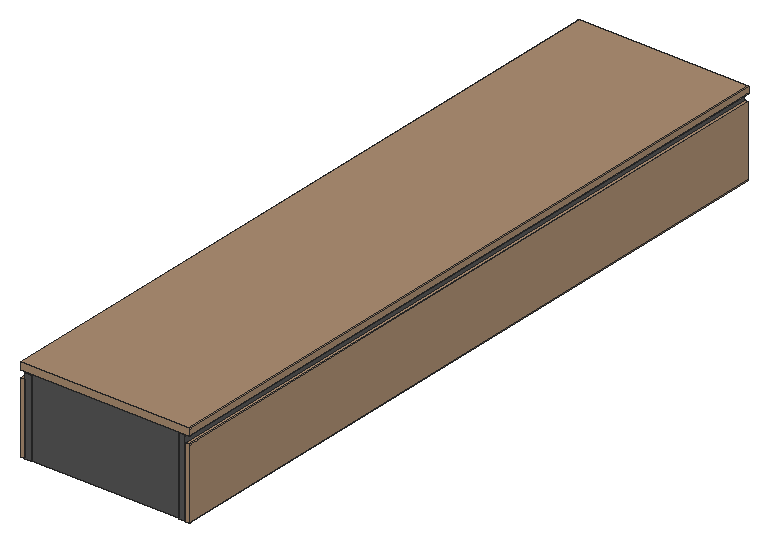
Revit family "Sanitary_Compound-Units_hansgrohe_54286XXX-Xilesa-E-Tall-cabinet_400-200_hinge-right", category Furniture, host Face, Revit 2022
Family settings
  Host = Face
  OmniClass Number = 23.21.19.15.33.13
  OmniClass Title = Residential Bathroom Specialty Casework
  Cut with Voids When Loaded = No
  Render Appearance Source = Family Geometry
  Shared = No
  Room Calculation Point = No
Parameters (values of type "550 Cashmere Oak")
  Version = 1  # constant formula
  URL = "https://www.hansgrohe.com/"
  Product data url = "https://www.bimobject.com/en/hansgrohe/product/54286XXX"
  Product Page URL = "https://www.hansgrohe.com/articledetail--54286550"
  Model = "54286XXX"  # constant formula
  Material 3 = Hansgrohe - Metal - Black
  Material 2 = Hansgrohe - MDF - Matt Black
  Material 1 = Hansgrohe - MDF - 550 Cashmere Oak (vertical)
  Manufacturer = "Hansgrohe"  # constant formula
  Height = 0 mm
  Description = "Xilesa E Tall cabinet 400/200, door hinge right"  # constant formula
  Default Elevation = 0 mm
  Date Updated = ""
  Date Created = "2024/02/03"  # constant formula
Types (5, lengths in mm): name | Material 1
  (no name) | Hansgrohe - MDF - 550 Cashmere Oak (vertical)
  550 Cashmere Oak | Hansgrohe - MDF - 550 Cashmere Oak (vertical)
  700 Matt White | Hansgrohe - MDF - 700 Matt White
  760 Slate Matt Grey | Hansgrohe - MDF - 760 Slate Matt Grey
  780 Sand Matt Beige | Hansgrohe - MDF - 780 Sand Matt Beige
Reference planes
  plane 1 "Center (Front/Back)": y = 0
  plane 2: z = 0
  plane 3 "Center (Left/Right)": x = 0
  plane 4: x = -200
  plane 5: x = 200
  plane 6: y = -1650
  plane 7: z = 200
Dimensions and locks
  aligned and locked: plane 2 to host face
  aligned and locked: level to host face
Nested families
  nested 1: "54286XXX" at (0, -1650, 0) x (1, 0, 0) z (0, 1, 0), Material 1 <- "Material 1", Material 2 <- "Material 2", Material 3 <- "Material 3", type "54286XXX"
    with Material 3 Hansgrohe - Metal - Black, Material 2 Hansgrohe - MDF - Matt Black, Material 1 Hansgrohe - MDF - 550 Cashmere Oak (vertical)
Definition of nested family "54286XXX"
  Parameters (values of type "54286XXX")
    Version = 1  # constant formula
    URL = "https://www.hansgrohe.com/"
    Product data url = "https://www.bimobject.com/en/hansgrohe/product/54286XXX"
    Product Page URL = "https://www.hansgrohe.com/articledetail--54286550"
    Model = "54286XXX"  # constant formula
    Material 3 [instance] = none
    Material 2 [instance] = none
    Material 1 [instance] = none
    Manufacturer = "Hansgrohe"  # constant formula
    Description = "Xilesa E Tall cabinet 400/200, door hinge right"  # constant formula
    Default Elevation = 1219.2 mm
    Date Updated = ""
    Date Created = "2024/12/16"  # constant formula
  Reference planes
    plane 1 "Center (Front/Back)": y = 0
    plane 2: z = 0
    plane 3 "Center (Left/Right)": x = 0
  Forms (mm)
    Extrusion 1, solid, material <- "Material 1", detail levels medium+fine
      sketch origin (0, 0, 0) x (1, 0, 0) y (0, 1, 0)
        loop
          line (-190.6, 0) -> (-199.2, 0)
          arc (-199.2, 0) -> (-199.766, -0.234) -> (-200, -0.8) r 0.8
          line (-200, -0.8) -> (-200, -165.9)
          arc (-200, -165.9) -> (-199.766, -166.466) -> (-199.2, -166.7) r 0.8
          line (-199.2, -166.7) -> (-190.6, -166.7)
          arc (-190.6, -166.7) -> (-190.034, -166.466) -> (-189.8, -165.9) r 0.8
          line (-189.8, -165.9) -> (-189.8, -0.8)
          arc (-189.8, -0.8) -> (-190.034, -0.234) -> (-190.6, 0) r 0.8
        loop
          arc (190.6, 0) -> (190.034, -0.234) -> (189.8, -0.8) r 0.8
          line (189.8, -0.8) -> (189.8, -165.9)
          arc (189.8, -165.9) -> (190.034, -166.466) -> (190.6, -166.7) r 0.8
          line (190.6, -166.7) -> (199.2, -166.7)
          arc (199.2, -166.7) -> (199.766, -166.466) -> (200, -165.9) r 0.8
          line (200, -165.9) -> (200, -0.8)
          arc (200, -0.8) -> (199.766, -0.234) -> (199.2, 0) r 0.8
          line (199.2, 0) -> (190.6, 0)
      from 0 to 1650
    Extrusion 2, solid, material <- "Material 1", detail levels medium+fine
      sketch origin (0, 0, 0) x (1, 0, 0) y (0, 1, 0)
        loop
          line (-199.2, -200) -> (199.2, -200)
          arc (199.2, -200) -> (199.766, -199.766) -> (200, -199.2) r 0.8
          line (200, -199.2) -> (200, -184.5)
          arc (200, -184.5) -> (199.766, -183.934) -> (199.2, -183.7) r 0.8
          line (199.2, -183.7) -> (-199.2, -183.7)
          arc (-199.2, -183.7) -> (-199.766, -183.934) -> (-200, -184.5) r 0.8
          line (-200, -184.5) -> (-200, -199.2)
          arc (-200, -199.2) -> (-199.766, -199.766) -> (-199.2, -200) r 0.8
      from 0 to 1650
    Extrusion 3, solid, material <- "Material 2", detail levels medium+fine
      sketch origin (0, 0, 0) x (1, 0, 0) y (0, 1, 0)
        loop
          line (-189.8, -0.8) -> (-189.8, -180.9)
          arc (-189.8, -180.9) -> (-189.566, -181.466) -> (-189, -181.7) r 0.8
          line (-189, -181.7) -> (-174.6, -181.7)
          arc (-174.6, -181.7) -> (-174.034, -181.466) -> (-173.8, -180.9) r 0.8
          line (-173.8, -180.9) -> (-173.8, -0.8)
          arc (-173.8, -0.8) -> (-174.034, -0.234) -> (-174.6, 0) r 0.8
          line (-174.6, 0) -> (-189, 0)
          arc (-189, 0) -> (-189.566, -0.234) -> (-189.8, -0.8) r 0.8
        loop
          arc (189.8, -0.8) -> (189.566, -0.234) -> (189, 0) r 0.8
          line (189, 0) -> (174.6, 0)
          arc (174.6, 0) -> (174.034, -0.234) -> (173.8, -0.8) r 0.8
          line (173.8, -0.8) -> (173.8, -180.9)
          arc (173.8, -180.9) -> (174.034, -181.466) -> (174.6, -181.7) r 0.8
          line (174.6, -181.7) -> (189, -181.7)
          arc (189, -181.7) -> (189.566, -181.466) -> (189.8, -180.9) r 0.8
          line (189.8, -180.9) -> (189.8, -0.8)
      from 0 to 1650
    Extrusion 4, solid, material <- "Material 2", detail levels fine
      sketch origin (0, 0, 0) x (1, 0, 0) y (0, 1, 0)
        loop
          line (-173.8, -17) -> (-173.8, -20) -> (173.8, -20) -> (173.8, -17) -> (-173.8, -17)
      from 17 to 1637.136
    Extrusion 5, solid, material <- "Material 2", detail levels fine
      sketch origin (0, 0, 0) x (1, 0, 0) y (0, 1, 0)
        loop
          line (-173.8, -1) -> (-173.8, -183.7) -> (173.8, -183.7) -> (173.8, -1) -> (-173.8, -1)
      from 0 to 17
    Extrusion 6, solid, material <- "Material 1", detail levels coarse
      sketch origin (0, 0, 0) x (1, 0, 0) y (0, 1, 0)
        loop
          line (-200, 0) -> (-200, -200) -> (200, -200) -> (200, 0) -> (-200, 0)
      from 0 to 1650
    Extrusion 7, solid, material <- "Material 2", detail levels medium+fine
      sketch origin (0, 0, 585) x (0, 1, 0) y (0, 0, 1)
        loop
          line (-180.2, 1048) -> (-2, 1048)
          arc (-2, 1048) -> (-1.293, 1048.293) -> (-1, 1049) r 1
          line (-1, 1049) -> (-1, 1063)
          arc (-1, 1063) -> (-1.293, 1063.707) -> (-2, 1064) r 1
          line (-2, 1064) -> (-180.2, 1064)
          arc (-180.2, 1064) -> (-180.907, 1063.707) -> (-181.2, 1063) r 1
          line (-181.2, 1063) -> (-181.2, 1049)
          arc (-181.2, 1049) -> (-180.907, 1048.293) -> (-180.2, 1048) r 1
      from -173.8 to 173.8
    Extrusion 8, solid, material <- "Material 3", detail levels fine
      sketch origin (30, 38, 314) x (-1, 0, 0) y (0, 0, -1)
        loop
          arc (-119.8, -482) -> (-120.972, -479.172) -> (-123.8, -478) r 4
          line (-123.8, -478) -> (-138.8, -478)
          arc (-138.8, -478) -> (-141.628, -479.172) -> (-142.8, -482) r 4
          line (-142.8, -482) -> (-142.8, -540)
          arc (-142.8, -540) -> (-141.628, -542.829) -> (-138.8, -544) r 4
          line (-138.8, -544) -> (-123.8, -544)
          arc (-123.8, -544) -> (-120.972, -542.829) -> (-119.8, -540) r 4
          line (-119.8, -540) -> (-119.8, -482)
      from 218.9 to 221.7
    Extrusion 9, solid, material <- "Material 3", detail levels fine
      sketch origin (30, 38, 314) x (0, 1, 0) y (0, 0, -1)
        loop
          arc (-149.706, -520.501) -> (-147.938, -519.768) -> (-147.206, -518.001) r 2.5
          line (-147.206, -518.001) -> (-147.206, -504.001)
          arc (-147.206, -504.001) -> (-147.938, -502.233) -> (-149.706, -501.501) r 2.5
          line (-149.706, -501.501) -> (-172.206, -501.501)
          arc (-172.206, -501.501) -> (-175.035, -500.329) -> (-176.206, -497.501) r 4
          line (-176.206, -497.501) -> (-176.206, -489.501)
          arc (-176.206, -489.501) -> (-176.938, -487.733) -> (-178.706, -487.001) r 2.5
          line (-178.706, -487.001) -> (-188.706, -487.001)
          arc (-188.706, -487.001) -> (-190.474, -487.733) -> (-191.206, -489.501) r 2.5
          line (-191.206, -489.501) -> (-191.206, -497.501)
          arc (-191.206, -497.501) -> (-192.378, -500.329) -> (-195.206, -501.501) r 4
          line (-195.206, -501.501) -> (-206.544, -501.501) -> (-206.544, -520.501) -> (-195.206, -520.501)
          arc (-195.206, -520.501) -> (-192.378, -521.672) -> (-191.206, -524.501) r 4
          line (-191.206, -524.501) -> (-191.206, -532.501)
          arc (-191.206, -532.501) -> (-190.474, -534.268) -> (-188.706, -535.001) r 2.5
          line (-188.706, -535.001) -> (-178.706, -535.001)
          arc (-178.706, -535.001) -> (-176.938, -534.268) -> (-176.206, -532.501) r 2.5
          line (-176.206, -532.501) -> (-176.206, -524.501)
          arc (-176.206, -524.501) -> (-175.035, -521.672) -> (-172.206, -520.501) r 4
          line (-172.206, -520.501) -> (-149.706, -520.501)
      from -143.8 to -140.45
    Extrusion 10, solid, material <- "Material 3", detail levels fine
      sketch origin (30, 38, 314) x (-1, 0, 0) y (0, -1, 0)
        loop
          line (-126.45, 219.2) -> (-140.45, 219.2) -> (-140.45, 147.206) -> (-138.299, 147.206) -> (-138.299, 155.486) -> (-133.066, 160.422) -> (-130.658, 160.187) -> (-126.45, 219.2)
      from 504.25 to 517.75
    Extrusion 11, solid, material <- "Material 3", detail levels fine
      sketch origin (30, 38, -426.001) x (-1, 0, 0) y (0, 0, -1)
        loop
          arc (-119.8, -482) -> (-120.972, -479.172) -> (-123.8, -478) r 4
          line (-123.8, -478) -> (-138.8, -478)
          arc (-138.8, -478) -> (-141.628, -479.172) -> (-142.8, -482) r 4
          line (-142.8, -482) -> (-142.8, -540)
          arc (-142.8, -540) -> (-141.628, -542.829) -> (-138.8, -544) r 4
          line (-138.8, -544) -> (-123.8, -544)
          arc (-123.8, -544) -> (-120.972, -542.829) -> (-119.8, -540) r 4
          line (-119.8, -540) -> (-119.8, -482)
      from 218.9 to 221.7
    Extrusion 12, solid, material <- "Material 3", detail levels fine
      sketch origin (30, 38, -426.001) x (0, 1, 0) y (0, 0, -1)
        loop
          arc (-149.706, -520.501) -> (-147.938, -519.768) -> (-147.206, -518.001) r 2.5
          line (-147.206, -518.001) -> (-147.206, -504.001)
          arc (-147.206, -504.001) -> (-147.938, -502.233) -> (-149.706, -501.501) r 2.5
          line (-149.706, -501.501) -> (-172.206, -501.501)
          arc (-172.206, -501.501) -> (-175.035, -500.329) -> (-176.206, -497.501) r 4
          line (-176.206, -497.501) -> (-176.206, -489.501)
          arc (-176.206, -489.501) -> (-176.938, -487.733) -> (-178.706, -487.001) r 2.5
          line (-178.706, -487.001) -> (-188.706, -487.001)
          arc (-188.706, -487.001) -> (-190.474, -487.733) -> (-191.206, -489.501) r 2.5
          line (-191.206, -489.501) -> (-191.206, -497.501)
          arc (-191.206, -497.501) -> (-192.378, -500.329) -> (-195.206, -501.501) r 4
          line (-195.206, -501.501) -> (-206.544, -501.501) -> (-206.544, -520.501) -> (-195.206, -520.501)
          arc (-195.206, -520.501) -> (-192.378, -521.672) -> (-191.206, -524.501) r 4
          line (-191.206, -524.501) -> (-191.206, -532.501)
          arc (-191.206, -532.501) -> (-190.474, -534.268) -> (-188.706, -535.001) r 2.5
          line (-188.706, -535.001) -> (-178.706, -535.001)
          arc (-178.706, -535.001) -> (-176.938, -534.268) -> (-176.206, -532.501) r 2.5
          line (-176.206, -532.501) -> (-176.206, -524.501)
          arc (-176.206, -524.501) -> (-175.035, -521.672) -> (-172.206, -520.501) r 4
          line (-172.206, -520.501) -> (-149.706, -520.501)
      from -143.8 to -140.45
    Extrusion 13, solid, material <- "Material 3", detail levels fine
      sketch origin (30, 38, -426.001) x (-1, 0, 0) y (0, -1, 0)
        loop
          line (-126.45, 219.2) -> (-140.45, 219.2) -> (-140.45, 147.206) -> (-138.299, 147.206) -> (-138.299, 155.486) -> (-133.066, 160.422) -> (-130.658, 160.187) -> (-126.45, 219.2)
      from 504.25 to 517.75
    Extrusion 14, solid, material <- "Material 3", detail levels fine
      sketch origin (30, 38, 1054) x (-1, 0, 0) y (0, 0, -1)
        loop
          arc (-119.8, -482) -> (-120.972, -479.172) -> (-123.8, -478) r 4
          line (-123.8, -478) -> (-138.8, -478)
          arc (-138.8, -478) -> (-141.628, -479.172) -> (-142.8, -482) r 4
          line (-142.8, -482) -> (-142.8, -540)
          arc (-142.8, -540) -> (-141.628, -542.829) -> (-138.8, -544) r 4
          line (-138.8, -544) -> (-123.8, -544)
          arc (-123.8, -544) -> (-120.972, -542.829) -> (-119.8, -540) r 4
          line (-119.8, -540) -> (-119.8, -482)
      from 218.9 to 221.7
    Extrusion 15, solid, material <- "Material 3", detail levels fine
      sketch origin (30, 38, 1054) x (0, 1, 0) y (0, 0, -1)
        loop
          arc (-149.706, -520.501) -> (-147.938, -519.768) -> (-147.206, -518.001) r 2.5
          line (-147.206, -518.001) -> (-147.206, -504.001)
          arc (-147.206, -504.001) -> (-147.938, -502.233) -> (-149.706, -501.501) r 2.5
          line (-149.706, -501.501) -> (-172.206, -501.501)
          arc (-172.206, -501.501) -> (-175.035, -500.329) -> (-176.206, -497.501) r 4
          line (-176.206, -497.501) -> (-176.206, -489.501)
          arc (-176.206, -489.501) -> (-176.938, -487.733) -> (-178.706, -487.001) r 2.5
          line (-178.706, -487.001) -> (-188.706, -487.001)
          arc (-188.706, -487.001) -> (-190.474, -487.733) -> (-191.206, -489.501) r 2.5
          line (-191.206, -489.501) -> (-191.206, -497.501)
          arc (-191.206, -497.501) -> (-192.378, -500.329) -> (-195.206, -501.501) r 4
          line (-195.206, -501.501) -> (-206.544, -501.501) -> (-206.544, -520.501) -> (-195.206, -520.501)
          arc (-195.206, -520.501) -> (-192.378, -521.672) -> (-191.206, -524.501) r 4
          line (-191.206, -524.501) -> (-191.206, -532.501)
          arc (-191.206, -532.501) -> (-190.474, -534.268) -> (-188.706, -535.001) r 2.5
          line (-188.706, -535.001) -> (-178.706, -535.001)
          arc (-178.706, -535.001) -> (-176.938, -534.268) -> (-176.206, -532.501) r 2.5
          line (-176.206, -532.501) -> (-176.206, -524.501)
          arc (-176.206, -524.501) -> (-175.035, -521.672) -> (-172.206, -520.501) r 4
          line (-172.206, -520.501) -> (-149.706, -520.501)
      from -143.8 to -140.45
    Extrusion 16, solid, material <- "Material 3", detail levels fine
      sketch origin (30, 38, 1054) x (-1, 0, 0) y (0, -1, 0)
        loop
          line (-126.45, 219.2) -> (-140.45, 219.2) -> (-140.45, 147.206) -> (-138.299, 147.206) -> (-138.299, 155.486) -> (-133.066, 160.422) -> (-130.658, 160.187) -> (-126.45, 219.2)
      from 504.25 to 517.75
  Lines and regions (mm)
    Masking region 1
      outline origin (0, 0, 0) x (1, 0, 0) y (0, 0, 1)
        loop
          line (-199, 0) -> (0, 0) -> (199, 0)
          arc (199, 0) -> (199.707, 0.293) -> (200, 1) r 1
          line (200, 1) -> (200, 1649)
          arc (200, 1649) -> (199.707, 1649.707) -> (199, 1650) r 1
          line (199, 1650) -> (-199, 1650)
          arc (-199, 1650) -> (-199.707, 1649.707) -> (-200, 1649) r 1
          line (-200, 1649) -> (-200, 1)
          arc (-200, 1) -> (-199.707, 0.293) -> (-199, 0) r 1
    Masking region 2
      outline origin (0, 0, 0) x (0, 1, 0) y (0, 0, 1)
        loop
          line (-1, 1650) -> (-180.7, 1650)
          arc (-180.7, 1650) -> (-181.407, 1649.707) -> (-181.7, 1649) r 1
          line (-181.7, 1649) -> (-181.7, 1634.125) -> (-183.7, 1634.3) -> (-183.7, 1649)
          arc (-183.7, 1649) -> (-183.993, 1649.707) -> (-184.7, 1650) r 1
          line (-184.7, 1650) -> (-199, 1650)
          arc (-199, 1650) -> (-199.707, 1649.707) -> (-200, 1649) r 1
          line (-200, 1649) -> (-200, 1)
          arc (-200, 1) -> (-199.707, 0.293) -> (-199, 0) r 1
          line (-199, 0) -> (-184.7, 0)
          arc (-184.7, 0) -> (-183.993, 0.293) -> (-183.7, 1) r 1
          line (-183.7, 1) -> (-183.7, 15.692) -> (-181.7, 15.867) -> (-181.7, 1)
          arc (-181.7, 1) -> (-181.407, 0.293) -> (-180.7, 0) r 1
          line (-180.7, 0) -> (-1, 0)
          arc (-1, 0) -> (-0.293, 0.293) -> (0, 1) r 1
          line (0, 1) -> (0, 1649)
          arc (0, 1649) -> (-0.293, 1649.707) -> (-1, 1650) r 1
    Masking region 3
      outline origin (0, 0, 0) x (1, 0, 0) y (0, 1, 0)
        loop
          arc (200, -1) -> (199.707, -0.293) -> (199, 0) r 1
          line (199, 0) -> (174.8, 0)
          arc (174.8, 0) -> (174.093, -0.293) -> (173.8, -1) r 1
          line (173.8, -1) -> (0, -1) -> (-173.8, -1)
          arc (-173.8, -1) -> (-174.093, -0.293) -> (-174.8, 0) r 1
          line (-174.8, 0) -> (-199, 0)
          arc (-199, 0) -> (-199.707, -0.293) -> (-200, -1) r 1
          line (-200, -1) -> (-200, -165.7)
          arc (-200, -165.7) -> (-199.707, -166.407) -> (-199, -166.7) r 1
          line (-199, -166.7) -> (-189.8, -166.7) -> (-189.8, -180.7)
          arc (-189.8, -180.7) -> (-189.507, -181.407) -> (-188.8, -181.7) r 1
          line (-188.8, -181.7) -> (-173, -181.7) -> (-173, -183.7) -> (-199, -183.7)
          arc (-199, -183.7) -> (-199.707, -183.993) -> (-200, -184.7) r 1
          line (-200, -184.7) -> (-200, -199)
          arc (-200, -199) -> (-199.707, -199.707) -> (-199, -200) r 1
          line (-199, -200) -> (0, -200) -> (199, -200)
          arc (199, -200) -> (199.707, -199.707) -> (200, -199) r 1
          line (200, -199) -> (200, -184.7)
          arc (200, -184.7) -> (199.707, -183.993) -> (199, -183.7) r 1
          line (199, -183.7) -> (173, -183.7) -> (173, -181.7) -> (188.8, -181.7)
          arc (188.8, -181.7) -> (189.507, -181.407) -> (189.8, -180.7) r 1
          line (189.8, -180.7) -> (189.8, -166.7) -> (199, -166.7)
          arc (199, -166.7) -> (199.707, -166.407) -> (200, -165.7) r 1
          line (200, -165.7) -> (200, -1)
    symbolic lines, detail levels medium+fine
      curve 1: line (0, -183.7, 1634.164) -> (0, -183.7, 15.692)
      curve 2: line (0, -181.7, 15.867) -> (0, -181.7, 1648.852)
      curve 5: line (0, -183.7, 1625.732) -> (0, -181.7, 1625.907)
      curve 6: line (0, -183.7, 24.317) -> (0, -181.7, 24.107)
      curve 7: line (-189.8, -166.7, 0) -> (-189.8, 0, 0)
      curve 9: line (-173, -183.7, 0) -> (0, -183.7, 0)
      curve 10: line (-173, -181.7, 0) -> (173, -181.7, 0)
      curve 12: line (189.8, -166.7, 0) -> (189.8, 0, 0)
      curve 14: line (173, -183.7, 0) -> (0, -183.7, 0)
    symbolic lines, detail levels fine
      curve 3: line (0, -166.7, 1649) -> (0, -166.7, 0)
      curve 4: arc (0, -165.7, 1650) -> (0, -166.407, 1649.707) -> (0, -166.7, 1649) r 1
      curve 8: line (-173.8, -1, 0) -> (-173.8, -181.7, 0)
      curve 11: line (-150, -183.7, 0) -> (-150, -181.7, 0)
      curve 13: line (173.8, -1, 0) -> (173.8, -181.7, 0)
      curve 15: line (150, -183.7, 0) -> (150, -181.7, 0)
  Dimensions and locks
    aligned and locked: level to plane 2
